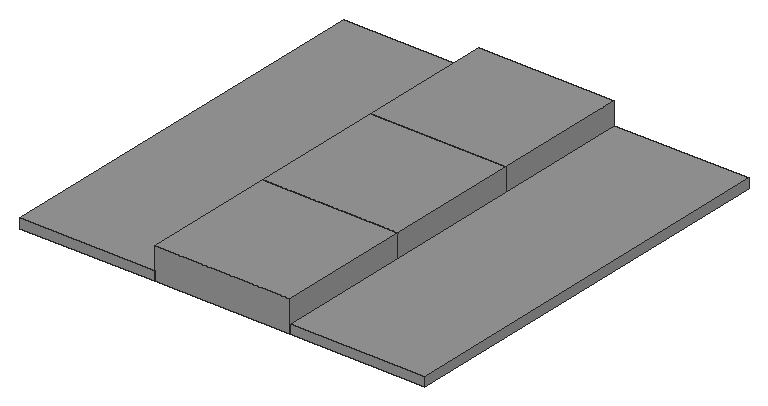
Revit family "63_UN_Surface Mounted_Small Island_Signify", category Lighting Fixtures, Revit 2019
Family settings
  Round Connector Dimension = Use Diameter
  Part Type = Normal
  OmniClass Number = 23.80.70.11.14.11
  OmniClass Title = Downlights
  Work Plane-Based = No
  Always vertical = Yes
  Cut with Voids When Loaded = No
  Light Source = No
  Shared = No
  Room Calculation Point = Yes
Parameters (values of type "NC Skylight W60L60_Day Rhythm_Noon start")
  Wattage Comments = "-"
  Voltage = 230 V
  URL = "https://www.ivlibrary.com/"
  Type Comments = "Small Island"
  Symbol_ToScale [instance] = not(Symbol_RealSize)  # no
  Symbol_RealSize [instance] = yes
  Switch Code [instance] = ""
  Model = "Small Island"
  Manufacturer = "Signify - NatureConnect"
  Luminaire Code [instance] = ""
  Lamp = "LED"
  IfcExportType = "USERDEFINED"
  IfcExportAs = "IfcLightFixtureType"
  ISBN Code = "ISBNCODE"
  IP Value = "-"
  IK Value = "-"
  Housing_Material = Select RGB Value for different appearance
  Glass_Material = Glass, SkyColor, High Luminance
  GTIN Code = "GTINCODE"
  ETIM Code = "ETIMCODE"
  Description = "https://www.signify.com/global/innovation/natureconnect"
  Content Creator® = "www.ivlibrary.com"
  Calc_L2_Symbol = 5.98 mm
  Calc_L1_Symbol = 5.98 mm
  Assembly Code = "63.0"
  Apparent Load = 36.66 VA
Reference planes
  plane 1 "Center (Front/Back)": y = 0
  plane 2: z = 0
  plane 3 "Center (Left/Right)": x = 0
Lines and regions (mm)
  symbolic lines, visible <- "Symbol_RealSize"
    curve 1: line (-896, -898, 0) -> (896, -898, 0)
    curve 2: line (-896, 898, 0) -> (-896, -898, 0)
    curve 3: line (896, 898, 0) -> (-896, 898, 0)
    curve 4: line (896, -898, 0) -> (896, 898, 0)
    curve 5: line (-299, 898, 0) -> (-299, -898, 0)
    curve 6: line (299, -898, 0) -> (299, 898, 0)
    curve 7: line (-299, 299, 0) -> (299, 299, 0)
    curve 8: line (-299, -299, 0) -> (299, -299, 0)
Dimensions and locks
  aligned and locked: level to plane 2
Nested families
  nested 1: "63_UN_Surface Mounted_Skylight W60L60_Signify" at (0, 0, 0), Glass_Material <- "Glass_Material", type "NC Skylight W60L60_Day Rhythm_Noon start"
    with Symbol_ToScale no, Symbol_RealSize yes, Switch Code "", Luminaire Code "", Glass_Material Glass, SkyColor, High Luminance
  nested 2: "63_UN_Surface Mounted_Skylight W60L60_Signify" at (0, 598, 0), Glass_Material <- "Glass_Material", type "NC Skylight W60L60_Day Rhythm_Noon start"
    with Symbol_ToScale no, Symbol_RealSize yes, Switch Code "", Luminaire Code "", Glass_Material Glass, SkyColor, High Luminance
  nested 3: "63_UN_Surface Mounted_Skylight W60L60_Signify" at (0, -598, 0), Glass_Material <- "Glass_Material", type "NC Skylight W60L60_Day Rhythm_Noon start"
    with Symbol_ToScale no, Symbol_RealSize yes, Switch Code "", Luminaire Code "", Glass_Material Glass, SkyColor, High Luminance
  nested 4: "63_UN_Surface Mounted_Daylight W60L180_Signify" at (597.5, 0, -100), type "NC Daylight W60L180_Day Rhythm_Noon start"
    with Symbol_ToScale no, Symbol_RealSize yes, Switch Code "", Luminaire Code ""
  nested 5: "63_UN_Surface Mounted_Daylight W60L180_Signify" at (-597.5, 0, -100), type "NC Daylight W60L180_Day Rhythm_Noon start"
    with Symbol_ToScale no, Symbol_RealSize yes, Switch Code "", Luminaire Code ""
  nested 6: "Parametric LED Panel Symbol" at (0, 0, 0), visible <- "Symbol_ToScale", type "Parametric LED Panel Symbol"
    with L2 18 mm, L1 17.9 mm
Connectors
  electrical at (0, 0, 0), driven by "Voltage", driven by "Apparent Load"
    settings: index 1, voltage 230 V, apparent load 0 VA, apparent load phase1 36.66 VA, apparent load phase2 0 VA, apparent load phase3 0 VA, power factor 1, load classification "Lighting", number of poles 1, system type 31, power factor state 1, is connector primary yes, connector utility no, sub classification motor no, connector description ""
Definition of nested family "63_UN_Surface Mounted_Skylight W60L60_Signify"
  Parameters (values of type "NC Skylight W60L60_Day Rhythm_Noon start")
    Wattage Comments = "36.66"
    Wattage = 3.36605 W
    built-in parameter 1150110 = 1 (stored number, unit not read)
    Voltage = 230 V
    URL = "https://www.ivlibrary.com/"
    Type Comments = "W60L60"
    built-in parameter 1114217 = 1 (stored number, unit not read)
    Tilt Angle = 90.00°
    built-in parameter 1150109 = 1 (stored number, unit not read)
    built-in parameter 1150134 = 3
    Symbol_ToScale [instance] = not(Symbol_RealSize)  # no
    Symbol_RealSize [instance] = yes
    Switch Code [instance] = ""
    built-in parameter 1150113 = 1 (stored number, unit not read)
    Photometric Web File = "NCT_IES_skylight W60L60_Day Rhythm_Noon start.ies"
    Model = "Skylight"
    Manufacturer = "Signify - NatureConnect"
    built-in parameter 1150105 = 39.789 (stored number, unit not read)
    Luminous Flux (lm) = 2505 lm
    Lumens = 2505 lm
    built-in parameter 1150115 = 1 (stored number, unit not read)
    Luminaire Code [instance] = ""
    built-in parameter 1150137 = (empty or 0)
    built-in parameter 1150139 = (empty or 0)
    built-in parameter 1150112 = 1 (stored number, unit not read)
    built-in parameter 1150114 = 1 (stored number, unit not read)
    Lamp = "LED"
    L3 = 19 mm
    L2 = 598 mm
    L1 = 598 mm
    built-in parameter 1150132 = 2
    built-in parameter 1150102 = (empty or 0)
    built-in parameter 1150107 = 3200 (stored number, unit not read)
    built-in parameter 1150138 = (empty or 0)
    built-in parameter 1150106 = 0.39789 (stored number, unit not read)
    IfcExportType = "USERDEFINED"
    IfcExportAs = "IfcLightFixtureType"
    ISBN Code = "ISBNCODE"
    IP Value = "-"
    IK Value = "-"
    Housing_Material = none
    H1 = 140 mm
    Glass_Material [instance] = none
    GTIN Code = "GTINCODE"
    Emit from Rectangle Width = L2 - (L3 * 2)  # 560 mm
    Emit from Rectangle Length = L1 - (L3 * 2)  # 560 mm
    Emit Shape Visible in Rendering = no
    built-in parameter 1150104 = 13.8 (stored number, unit not read)
    ETIM Code = "ETIMCODE"
    Dimming Lamp Color Temperature Shift = (empty or 0)
    Description = "https://www.signify.com/global/innovation/natureconnect"
    Content Creator® = "www.ivlibrary.com"
    Color Filter = 16777215
    Calc_L2_Symbol = L2 / 100  # 5.98 mm
    Calc_L1_Symbol = L1 / 100  # 5.98 mm
    built-in parameter 1114218 = 1 (stored number, unit not read)
    built-in parameter 1150133 = 10 (stored number, unit not read)
    Assembly Code = "63.0"
    Apparent Load = 36.66 VA
  Reference planes
    plane 1 "Center (Front/Back)": y = 0
    plane 2: z = 0
    plane 3 "Center (Left/Right)": x = 0
    plane 4: x = -280
    plane 5: x = 280
    plane 6: y = 280
    plane 7: y = -280
    plane 8: x = -299
    plane 9: x = 299
    plane 10: y = -299
    plane 11: y = 299
  Lines and regions (mm)
    symbolic lines, visible <- "Symbol_RealSize"
      curve 1: line (-299, -299, 0) -> (299, -299, 0)
      curve 2: line (-299, 299, 0) -> (-299, -299, 0)
      curve 3: line (299, 299, 0) -> (-299, 299, 0)
      curve 4: line (299, -299, 0) -> (299, 299, 0)
  Dimensions and locks
    equal spacing: plane 11, plane 1 "Center (Front/Back)", plane 10
    equal spacing: plane 8, plane 3 "Center (Left/Right)", plane 9
    "L1": plane 8 to plane 9
    "L2": plane 11 to plane 10
    "L3": plane 8 to plane 4
    "L3": plane 5 to plane 9
    "L3": plane 6 to plane 11
    "L3": plane 7 to plane 10
    "H1": level to imposter light
    aligned and locked: level to plane 2
    aligned and locked: level to nested 2
  Automatic sketch dimensions
    curve 3 to plane 8 = 0 mm
    curve 1 to plane 9 = 0 mm
    curve 2 to plane 10 = 0 mm
    plane 11 to curve 2 = 0 mm
  Nested families
    nested 1: "Parametric LED Panel Symbol" at (0, 0, 0), L1 <- "Calc_L1_Symbol", L2 <- "Calc_L2_Symbol", visible <- "Symbol_ToScale", type "Parametric LED Panel Symbol"
      with L2 5.98 mm, L1 5.98 mm
    nested 2: "SM Square LED Panel Geometry" at (0, 0, 0), type "Type Catalog"
      with Symbol_ToScale no, Symbol_RealSize yes, Switch Code "", Luminaire Code ""
  Connectors
    electrical at (0, 0, 0), driven by "Voltage", driven by "Apparent Load"
      settings: index 1, voltage 230 V, apparent load 0 VA, apparent load phase1 36.66 VA, apparent load phase2 0 VA, apparent load phase3 0 VA, power factor 1, load classification none, number of poles 1, system type 31, power factor state 1, is connector primary yes, connector utility no, sub classification motor no, connector description ""
  Definition of nested family "SM Square LED Panel Geometry"
    Parameters (values of type "Type Catalog")
      Wattage Comments = "19W"
      Voltage = 230 V
      URL = "https://www.ivlibrary.com/"
      Type Comments = "TYPENAME"
      Symbol_ToScale [instance] = not(Symbol_RealSize)  # no
      Symbol_RealSize [instance] = yes
      Switch Code [instance] = ""
      Model = "FAMILYNAME"
      Manufacturer = "MANUFACTURER"
      Luminous Flux (lm) = 500 lm
      Luminaire Code [instance] = ""
      Lamp = "LED"
      LED Panel = yes
      L3 = 19 mm
      L2 = 598 mm
      L1 = 598 mm
      IfcExportType = "USERDEFINED"
      IfcExportAs = "IfcLightFixtureType"
      ISBN Code = "ISBNCODE"
      IP Value = "IPVALUE"
      IK Value = "IKVALUE"
      Housing_Material = none
      H1 = 140 mm
      Glass_Material = none
      GTIN Code = "GTINCODE"
      ETIM Code = "ETIMCODE"
      Description = ""
      Content Creator® = "www.ivlibrary.com"
      Calc_L2_Symbol = L2 / 100  # 5.98 mm
      Calc_L1_Symbol = L1 / 100  # 5.98 mm
      Assembly Code = "63.0"
      Apparent Load = 19 VA
    Reference planes
      plane 1 "Center (Front/Back)": y = 0
      plane 2: z = 0
      plane 3 "Center (Left/Right)": x = 0
      plane 4: x = -280
      plane 5: x = 280
      plane 6: y = 280
      plane 7: y = -280
      plane 8: x = -299
      plane 9: x = 299
      plane 10: y = -299
      plane 11: y = 299
    Forms (mm)
      Extrusion 1, solid, material <- "Housing_Material"
        sketch origin (0, 0, -40) x (1, 0, 0) y (0, 1, 0)
          loop
            line (-280, 280) -> (-280, -280) -> (280, -280) -> (280, 280) -> (-280, 280)
        from 32.53 to 40
      Extrusion 2, solid, material <- "Housing_Material"
        sketch origin (0, 0, -40) x (1, 0, 0) y (0, 1, 0)
          loop
            line (-280, 280) -> (-280, -280) -> (280, -280) -> (280, 280) -> (-280, 280)
          loop
            line (-299, -299) -> (299, -299) -> (299, 299) -> (-299, 299) -> (-299, -299)
        from 40 to -100
      Extrusion 3, solid, material <- "Glass_Material"
        sketch origin (0, 0, -139.561) x (1, 0, 0) y (0, 1, 0)
          loop
            line (-280, 280) -> (-280, -280) -> (280, -280) -> (280, 280) -> (-280, 280)
        from 77.561 to 73.281
    Cuts and joins
      joined: Extrusion 1, Extrusion 2
    Lines and regions (mm)
      symbolic lines, visible <- "Symbol_RealSize"
        curve 1: line (-299, -299, 0) -> (299, -299, 0)
        curve 2: line (-299, 299, 0) -> (-299, -299, 0)
        curve 3: line (299, 299, 0) -> (-299, 299, 0)
        curve 4: line (299, -299, 0) -> (299, 299, 0)
    Dimensions and locks
      equal spacing: plane 11, plane 1 "Center (Front/Back)", plane 10
      equal spacing: plane 8, plane 3 "Center (Left/Right)", plane 9
      "L1": plane 8 to plane 9
      "L2": plane 11 to plane 10
      "L3": plane 8 to plane 4
      "L3": plane 5 to plane 9
      "L3": plane 6 to plane 11
      "L3": plane 7 to plane 10
      "H1": level to Extrusion 2
      aligned and locked: level to plane 2
      aligned and locked: level to Extrusion 1
      aligned and locked: level to Extrusion 2
    Automatic sketch dimensions
      curve 3 to plane 8 = 0 mm
      curve 3 to plane 9 = 0 mm
      curve 1 to plane 10 = 0 mm
      plane 11 to curve 3 = 0 mm
      Extrusion 1 sketch curve to plane 4 = 0 mm
      Extrusion 1 sketch curve to plane 5 = 0 mm
      Extrusion 1 sketch curve to plane 7 = 0 mm
      Extrusion 1 sketch curve to plane 6 = 0 mm
      Extrusion 2 sketch curve to plane 8 = 0 mm
      Extrusion 2 sketch curve to plane 4 = 0 mm
      Extrusion 2 sketch curve to plane 5 = 0 mm
      Extrusion 2 sketch curve to plane 9 = 0 mm
      Extrusion 2 sketch curve to plane 10 = 0 mm
      Extrusion 2 sketch curve to plane 7 = 0 mm
      Extrusion 2 sketch curve to plane 6 = 0 mm
      plane 11 to Extrusion 2 sketch curve = 0 mm
      Extrusion 3 sketch curve to plane 4 = 0 mm
      Extrusion 3 sketch curve to plane 5 = 0 mm
      Extrusion 3 sketch curve to plane 7 = 0 mm
      Extrusion 3 sketch curve to plane 6 = 0 mm
    Connectors
      electrical at (0, 0, 0), driven by "Voltage", driven by "Apparent Load"
        settings: index 1, voltage 230 V, apparent load 0 VA, apparent load phase1 19 VA, apparent load phase2 0 VA, apparent load phase3 0 VA, power factor 1, load classification none, number of poles 1, system type 31, power factor state 1, is connector primary yes, connector utility no, sub classification motor no, connector description ""
  Definition of nested family "Parametric LED Panel Symbol"
    Parameters (values of type "Parametric LED Panel Symbol")
      L2 [instance] = 4.484 mm
      L1 [instance] = 6.437 mm
    Reference planes
      plane 1: y = 0
      plane 2: x = 0
    Lines and regions (mm)
      detail lines
        curve 1: line (-3.219, 2.242, 0) -> (3.219, 2.242, 0)
        curve 2: line (-3.219, -2.242, 0) -> (-3.219, 2.242, 0)
        curve 3: line (3.219, -2.242, 0) -> (-3.219, -2.242, 0)
        curve 4: line (3.219, 2.242, 0) -> (3.219, -2.242, 0)
    Dimensions and locks
      equal spacing: curve 2, plane 2, curve 4
      equal spacing: curve 3, plane 1, curve 1
      "L1": curve 2 to curve 4
      "L2": curve 3 to curve 1
Definition of nested family "63_UN_Surface Mounted_Daylight W60L180_Signify"
  Parameters (values of type "NC Daylight W60L180_Day Rhythm_Noon start")
    Wattage Comments = "66.54"
    Wattage = 3.36605 W
    built-in parameter 1150110 = 1 (stored number, unit not read)
    Voltage = 230 V
    URL = "https://www.ivlibrary.com/"
    Type Comments = "W60L180"
    built-in parameter 1114217 = 1 (stored number, unit not read)
    Tilt Angle = 90.00°
    built-in parameter 1150109 = 1 (stored number, unit not read)
    built-in parameter 1150134 = 3
    Symbol_ToScale [instance] = not(Symbol_RealSize)  # no
    Symbol_RealSize [instance] = yes
    Switch Code [instance] = ""
    built-in parameter 1150113 = 1 (stored number, unit not read)
    Photometric Web File = "NCT_IES_daylight W60L180_Day Rhythm_Noon Start.ies"
    Model = "Daylight"
    Manufacturer = "Signify - NatureConnect"
    built-in parameter 1150105 = 39.789 (stored number, unit not read)
    Luminous Flux (lm) = 6869 lm
    Lumens = 6869 lm
    built-in parameter 1150115 = 1 (stored number, unit not read)
    Luminaire Code [instance] = ""
    built-in parameter 1150137 = (empty or 0)
    built-in parameter 1150139 = (empty or 0)
    built-in parameter 1150112 = 1 (stored number, unit not read)
    built-in parameter 1150114 = 1 (stored number, unit not read)
    Lamp = "LED"
    L3 = 10 mm
    L2 = 1796 mm
    L1 = 597 mm
    built-in parameter 1150132 = 2
    built-in parameter 1150102 = (empty or 0)
    built-in parameter 1150107 = 3200 (stored number, unit not read)
    built-in parameter 1150138 = (empty or 0)
    built-in parameter 1150106 = 0.39789 (stored number, unit not read)
    IfcExportType = "USERDEFINED"
    IfcExportAs = "IfcLightFixtureType"
    ISBN Code = "ISBNCODE"
    IP Value = "-"
    IK Value = "-"
    Housing_Material = none
    H1 = 40 mm
    GTIN Code = "GTINCODE"
    Emit from Rectangle Width = L2 - (L3 * 2)  # 1776 mm
    Emit from Rectangle Length = L1 - (L3 * 2)  # 577 mm
    Emit Shape Visible in Rendering = no
    built-in parameter 1150104 = 13.8 (stored number, unit not read)
    ETIM Code = "ETIMCODE"
    Dimming Lamp Color Temperature Shift = (empty or 0)
    Description = "https://www.signify.com/global/innovation/natureconnect"
    Content Creator® = "www.ivlibrary.com"
    Color Filter = 16777215
    Calc_L2_Symbol = L2 / 100  # 17.96 mm
    Calc_L1_Symbol = L1 / 100  # 5.97 mm
    built-in parameter 1114218 = 1 (stored number, unit not read)
    built-in parameter 1150133 = 10 (stored number, unit not read)
    Assembly Code = "63.0"
    Apparent Load = 66.54 VA
  Reference planes
    plane 1 "Center (Front/Back)": y = 0
    plane 2: z = 0
    plane 3 "Center (Left/Right)": x = 0
    plane 4: x = -288.5
    plane 5: x = 288.5
    plane 6: y = 888
    plane 7: y = -888
    plane 8: x = -298.5
    plane 9: x = 298.5
    plane 10: y = -898
    plane 11: y = 898
  Lines and regions (mm)
    symbolic lines, visible <- "Symbol_RealSize"
      curve 1: line (-298.5, -898, 0) -> (298.5, -898, 0)
      curve 2: line (-298.5, 898, 0) -> (-298.5, -898, 0)
      curve 3: line (298.5, 898, 0) -> (-298.5, 898, 0)
      curve 4: line (298.5, -898, 0) -> (298.5, 898, 0)
  Dimensions and locks
    equal spacing: plane 11, plane 1 "Center (Front/Back)", plane 10
    equal spacing: plane 8, plane 3 "Center (Left/Right)", plane 9
    "L1": plane 8 to plane 9
    "L2": plane 11 to plane 10
    "L3": plane 8 to plane 4
    "L3": plane 5 to plane 9
    "L3": plane 6 to plane 11
    "L3": plane 7 to plane 10
    "H1": level to imposter light
    aligned and locked: level to plane 2
    aligned and locked: level to nested 2
  Automatic sketch dimensions
    curve 3 to plane 8 = 0 mm
    curve 1 to plane 9 = 0 mm
    curve 2 to plane 10 = 0 mm
    plane 11 to curve 2 = 0 mm
  Nested families
    nested 1: "Parametric LED Panel Symbol" at (0, 0, 0), L1 <- "Calc_L1_Symbol", L2 <- "Calc_L2_Symbol", visible <- "Symbol_ToScale", type "Parametric LED Panel Symbol"
      with L2 17.96 mm, L1 5.97 mm
    nested 2: "SM Square LED Panel Geometry" at (0, 0, 0), type "Type Catalog"
      with Symbol_ToScale no, Symbol_RealSize yes, Switch Code "", Luminaire Code "", L3 10 mm, L2 1796 mm, L1 597 mm, Calc_L2_Symbol 17.96 mm, Calc_L1_Symbol 5.97 mm
  Connectors
    electrical at (0, 0, 0), driven by "Voltage", driven by "Apparent Load"
      settings: index 1, voltage 230 V, apparent load 0 VA, apparent load phase1 66.54 VA, apparent load phase2 0 VA, apparent load phase3 0 VA, power factor 1, load classification none, number of poles 1, system type 31, power factor state 1, is connector primary yes, connector utility no, sub classification motor no, connector description ""
  Definition of nested family "SM Square LED Panel Geometry"
    Parameters (values of type "Type Catalog")
      Wattage Comments = "19W"
      Voltage = 230 V
      URL = "https://www.ivlibrary.com/"
      Type Comments = "TYPENAME"
      Symbol_ToScale [instance] = not(Symbol_RealSize)  # no
      Symbol_RealSize [instance] = yes
      Switch Code [instance] = ""
      Model = "FAMILYNAME"
      Manufacturer = "MANUFACTURER"
      Luminous Flux (lm) = 500 lm
      Luminaire Code [instance] = ""
      Lamp = "LED"
      LED Panel = yes
      L3 = 7.5 mm
      L2 = 600 mm
      L1 = 600 mm
      IfcExportType = "USERDEFINED"
      IfcExportAs = "IfcLightFixtureType"
      ISBN Code = "ISBNCODE"
      IP Value = "IPVALUE"
      IK Value = "IKVALUE"
      Housing_Material = none
      H1 = 40 mm
      GTIN Code = "GTINCODE"
      ETIM Code = "ETIMCODE"
      Description = ""
      Content Creator® = "www.ivlibrary.com"
      Calc_L2_Symbol = L2 / 100  # 6 mm
      Calc_L1_Symbol = L1 / 100  # 6 mm
      Assembly Code = "63.0"
      Apparent Load = 19 VA
    Reference planes
      plane 1 "Center (Front/Back)": y = 0
      plane 2: z = 0
      plane 3 "Center (Left/Right)": x = 0
      plane 4: x = -292.5
      plane 5: x = 292.5
      plane 6: y = 292.5
      plane 7: y = -292.5
      plane 8: x = -300
      plane 9: x = 300
      plane 10: y = -300
      plane 11: y = 300
    Forms (mm)
      Extrusion 1, solid, material <- "Housing_Material"
        sketch origin (0, 0, -40) x (1, 0, 0) y (0, 1, 0)
          loop
            line (-292.5, 292.5) -> (-292.5, -292.5) -> (292.5, -292.5) -> (292.5, 292.5) -> (-292.5, 292.5)
        from 0.9 to 40
      Extrusion 2, solid, material <- "Housing_Material"
        sketch origin (0, 0, -40) x (1, 0, 0) y (0, 1, 0)
          loop
            line (-292.5, 292.5) -> (-292.5, -292.5) -> (292.5, -292.5) -> (292.5, 292.5) -> (-292.5, 292.5)
          loop
            line (-300, -300) -> (300, -300) -> (300, 300) -> (-300, 300) -> (-300, -300)
        from 40 to 0
      Extrusion 3, solid
        sketch origin (0, 0, -40) x (1, 0, 0) y (0, 1, 0)
          loop
            line (-292.5, 292.5) -> (-292.5, -292.5) -> (292.5, -292.5) -> (292.5, 292.5) -> (-292.5, 292.5)
        from 0.9 to 0
    Cuts and joins
      joined: Extrusion 1, Extrusion 2
    Lines and regions (mm)
      symbolic lines, visible <- "Symbol_RealSize"
        curve 1: line (-300, -300, 0) -> (300, -300, 0)
        curve 2: line (-300, 300, 0) -> (-300, -300, 0)
        curve 3: line (300, 300, 0) -> (-300, 300, 0)
        curve 4: line (300, -300, 0) -> (300, 300, 0)
    Dimensions and locks
      equal spacing: plane 11, plane 1 "Center (Front/Back)", plane 10
      equal spacing: plane 8, plane 3 "Center (Left/Right)", plane 9
      "L1": plane 8 to plane 9
      "L2": plane 11 to plane 10
      "L3": plane 8 to plane 4
      "L3": plane 5 to plane 9
      "L3": plane 6 to plane 11
      "L3": plane 7 to plane 10
      "H1": level to Extrusion 2
      locked: Extrusion 3 to cut or joined group of Extrusion 1, Extrusion 2 at 0.9
      aligned and locked: level to plane 2
      aligned and locked: level to Extrusion 1
      aligned and locked: level to Extrusion 2
      aligned and locked: cut or joined group of Extrusion 1, Extrusion 2 to Extrusion 3  (x2)
    Automatic sketch dimensions
      curve 3 to plane 8 = 0 mm
      curve 3 to plane 9 = 0 mm
      curve 1 to plane 10 = 0 mm
      plane 11 to curve 3 = 0 mm
      Extrusion 1 sketch curve to plane 4 = 0 mm
      Extrusion 1 sketch curve to plane 5 = 0 mm
      Extrusion 1 sketch curve to plane 7 = 0 mm
      Extrusion 1 sketch curve to plane 6 = 0 mm
      Extrusion 2 sketch curve to plane 8 = 0 mm
      Extrusion 2 sketch curve to plane 4 = 0 mm
      Extrusion 2 sketch curve to plane 5 = 0 mm
      Extrusion 2 sketch curve to plane 9 = 0 mm
      Extrusion 2 sketch curve to plane 10 = 0 mm
      Extrusion 2 sketch curve to plane 7 = 0 mm
      Extrusion 2 sketch curve to plane 6 = 0 mm
      plane 11 to Extrusion 2 sketch curve = 0 mm
      Extrusion 3 sketch curve to plane 4 = 0 mm
      Extrusion 3 sketch curve to plane 5 = 0 mm
      Extrusion 3 sketch curve to plane 7 = 0 mm
      Extrusion 3 sketch curve to plane 6 = 0 mm
    Connectors
      electrical at (0, 0, 0), driven by "Voltage", driven by "Apparent Load"
        settings: index 1, voltage 230 V, apparent load 0 VA, apparent load phase1 19 VA, apparent load phase2 0 VA, apparent load phase3 0 VA, power factor 1, load classification none, number of poles 1, system type 31, power factor state 1, is connector primary yes, connector utility no, sub classification motor no, connector description ""
  Definition of nested family "Parametric LED Panel Symbol"
    Parameters (values of type "Parametric LED Panel Symbol")
      L2 [instance] = 4.484 mm
      L1 [instance] = 6.437 mm
    Reference planes
      plane 1: y = 0
      plane 2: x = 0
    Lines and regions (mm)
      detail lines
        curve 1: line (-3.219, 2.242, 0) -> (3.219, 2.242, 0)
        curve 2: line (-3.219, -2.242, 0) -> (-3.219, 2.242, 0)
        curve 3: line (3.219, -2.242, 0) -> (-3.219, -2.242, 0)
        curve 4: line (3.219, 2.242, 0) -> (3.219, -2.242, 0)
    Dimensions and locks
      equal spacing: curve 2, plane 2, curve 4
      equal spacing: curve 3, plane 1, curve 1
      "L1": curve 2 to curve 4
      "L2": curve 3 to curve 1
Definition of nested family "Parametric LED Panel Symbol"
  Parameters (values of type "Parametric LED Panel Symbol")
    L2 [instance] = 18 mm
    L1 [instance] = 17.9 mm
  Reference planes
    plane 1: y = 0
    plane 2: x = 0
  Lines and regions (mm)
    detail lines
      curve 1: line (-8.95, 9, 0) -> (8.95, 9, 0)
      curve 2: line (-8.95, -9, 0) -> (-8.95, 9, 0)
      curve 3: line (8.95, -9, 0) -> (-8.95, -9, 0)
      curve 4: line (8.95, 9, 0) -> (8.95, -9, 0)
      curve 5: line (-2.963, 9, 0) -> (-2.963, -9, 0)
      curve 6: line (2.963, 9, 0) -> (2.963, -9, 0)
      curve 7: line (-2.963, 3.013, 0) -> (2.963, 3.013, 0)
      curve 8: line (-2.963, -3.013, 0) -> (2.963, -3.013, 0)
  Dimensions and locks
    equal spacing: curve 2, plane 2, curve 4
    equal spacing: curve 3, plane 1, curve 1
    "L1": curve 2 to curve 4
    "L2": curve 3 to curve 1
  Automatic sketch dimensions
    curve 7 to plane 2 = 2.963 mm
    plane 2 to curve 7 = 2.963 mm
    plane 1 to curve 8 = 3.013 mm
    curve 7 to plane 1 = 3.013 mm
